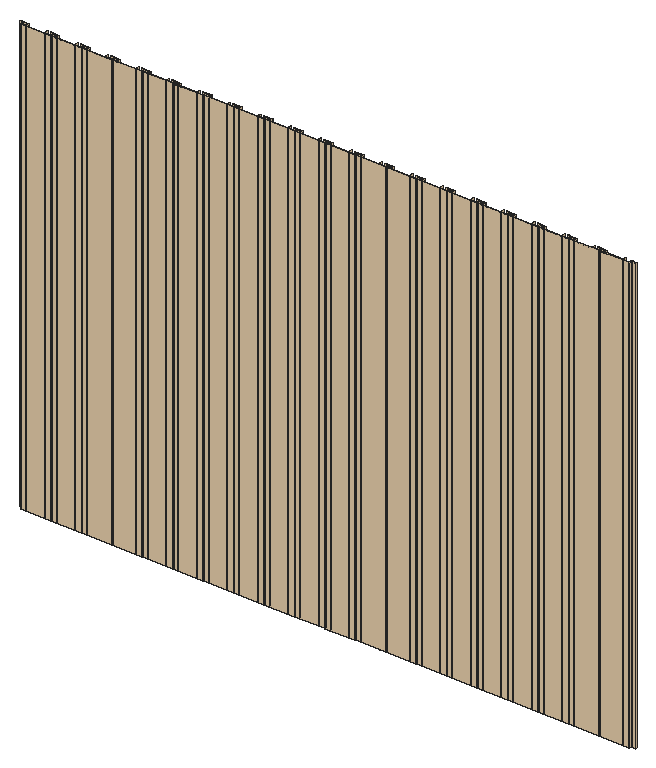
Revit family "140 UNVERSAL", category Mechanical Equipment, Revit 2017
Family settings
  Round Connector Dimension = Use Diameter
  Part Type = Normal
  Work Plane-Based = No
  Always vertical = Yes
  Cut with Voids When Loaded = No
  Shared = No
  Room Calculation Point = No
Parameters (values of type "Pine")
  Width = 140 mm * Panel Number + 39 mm  # 2839 mm
  URL = "https://gtoaluminum.com/product/universal-140/"
  Single = Panel Number = 1  # no
  Array Number = if(Panel Number = 1, 2, Panel Number)  # 20
  Panel Number = 20
  Model = "Universal 140"
  Manufacturer = "gtoaluminum"
  Height = 2000 mm
  Finish = Pine, Scots
  Dimensions = "5.51”W x 0.70”H x 19’L | 0.047” thickness"
  Description = "This profile is ideal for exterior cladding. It is wider than other profiles and recommended for covering larger and more massive exterior surfaces. It is highly recommended for ceilings and large buildings because of its wider size, which allows for a more sealed and private environment. It comes in different shades of wood and other colors or can be painted in a custom color. The installation is effortless, and the finishing looks seamless without any noticeable screws or marks."
  Bottom Offset = 0 mm
  Array = not(Single)  # yes
Types (8, lengths in mm): name | Width | Array Number | Panel Number | Height | Finish | Bottom Offset
  (no name) | 2839 | 20 | 20 | 2000 | Pine, Scots | 0
  Espresso | 739 | 5 | 5 | 3000 | Espresso | 50
  Oak | 739 | 5 | 5 | 3000 | Wood (Oak) | 50
  Pine | 2839 | 20 | 20 | 2000 | Pine, Scots | 0
  Gray | 739 | 5 | 5 | 3000 | Gray | 50
  Charcol | 739 | 5 | 5 | 3000 | Charcol | 50
  Matte | 739 | 5 | 5 | 3000 | Matte | 50
  gloss | 739 | 5 | 5 | 3000 | Gloss | 50
Reference planes
  plane 1 "Center (Front/Back)": y = 0
  plane 2: z = 0
  plane 3 "Center (Left/Right)": x = 0
  plane 4: x = 2839
Dimensions and locks
  "Width": plane 3 "Center (Left/Right)" to plane 4
  equal spacing: group 1, group 2, group 3, group 4, group 5, group 6, group 7, group 8, group 9, group 10, group 11, group 12, group 13, group 14, group 15, group 16, group 17, group 18, group 19, group 20  (x3)
  aligned and locked: level to plane 2
  aligned and locked: plane 3 "Center (Left/Right)" to nested 1
  aligned and locked: plane 3 "Center (Left/Right)" to nested 3
Nested families
  nested 1: "140 Univeral Profile" at (0, 0, 0), visible <- "Array", type "Family1"
    with Height 2000 mm, Bottom Offset 0 mm
  nested 2: "140 Univeral Profile" at (140, 0, 0), visible <- "Array", type "Family1"
    with Height 2000 mm, Bottom Offset 0 mm
  nested 3: "140 Univeral Profile" at (0, 0, 0), visible <- "Single", type "Family1"
    with Height 2000 mm, Bottom Offset 0 mm
  nested 4: "140 Univeral Profile" at (280, 0, 0), visible <- "Array", type "Family1"
    with Height 2000 mm, Bottom Offset 0 mm
  nested 5: "140 Univeral Profile" at (420, 0, 0), visible <- "Array", type "Family1"
    with Height 2000 mm, Bottom Offset 0 mm
  nested 6: "140 Univeral Profile" at (560, 0, 0), visible <- "Array", type "Family1"
    with Height 2000 mm, Bottom Offset 0 mm
  nested 7: "140 Univeral Profile" at (700, 0, 0), visible <- "Array", type "Family1"
    with Height 2000 mm, Bottom Offset 0 mm
  nested 8: "140 Univeral Profile" at (840, 0, 0), visible <- "Array", type "Family1"
    with Height 2000 mm, Bottom Offset 0 mm
  nested 9: "140 Univeral Profile" at (980, 0, 0), visible <- "Array", type "Family1"
    with Height 2000 mm, Bottom Offset 0 mm
  nested 10: "140 Univeral Profile" at (1120, 0, 0), visible <- "Array", type "Family1"
    with Height 2000 mm, Bottom Offset 0 mm
  nested 11: "140 Univeral Profile" at (1260, 0, 0), visible <- "Array", type "Family1"
    with Height 2000 mm, Bottom Offset 0 mm
  nested 12: "140 Univeral Profile" at (1400, 0, 0), visible <- "Array", type "Family1"
    with Height 2000 mm, Bottom Offset 0 mm
  nested 13: "140 Univeral Profile" at (1540, 0, 0), visible <- "Array", type "Family1"
    with Height 2000 mm, Bottom Offset 0 mm
  nested 14: "140 Univeral Profile" at (1680, 0, 0), visible <- "Array", type "Family1"
    with Height 2000 mm, Bottom Offset 0 mm
  nested 15: "140 Univeral Profile" at (1820, 0, 0), visible <- "Array", type "Family1"
    with Height 2000 mm, Bottom Offset 0 mm
  nested 16: "140 Univeral Profile" at (1960, 0, 0), visible <- "Array", type "Family1"
    with Height 2000 mm, Bottom Offset 0 mm
  nested 17: "140 Univeral Profile" at (2100, 0, 0), visible <- "Array", type "Family1"
    with Height 2000 mm, Bottom Offset 0 mm
  nested 18: "140 Univeral Profile" at (2240, 0, 0), visible <- "Array", type "Family1"
    with Height 2000 mm, Bottom Offset 0 mm
  nested 19: "140 Univeral Profile" at (2380, 0, 0), visible <- "Array", type "Family1"
    with Height 2000 mm, Bottom Offset 0 mm
  nested 20: "140 Univeral Profile" at (2520, 0, 0), visible <- "Array", type "Family1"
    with Height 2000 mm, Bottom Offset 0 mm
  nested 21: "140 Univeral Profile" at (2660, 0, 0), visible <- "Array", type "Family1"
    with Height 2000 mm, Bottom Offset 0 mm
Definition of nested family "140 Univeral Profile"
  Parameters (values of type "Family1")
    Height = 3000 mm
    Finish = none
    Bottom Offset = 50 mm
  Reference planes
    plane 1 "Center (Front/Back)": y = 0
    plane 2: z = 0
    plane 3 "Center (Left/Right)": x = 0
    plane 4: z = 3000
    plane 5: z = 50
  Forms (mm)
    Extrusion 1, solid, material <- "Finish"
      sketch origin (0, 3.6, 0) x (1, 0, 0) y (0, 1, 0)
        loop
          line (124.8, -1.6) -> (124.8, 14.4) -> (123.3, 14.4) -> (123.3, 5.591)
          arc (123.3, 5.591) -> (123, 5.291) -> (123.3, 4.991) r 0.3
          line (123.3, 4.991) -> (123.3, -1.589)
          arc (123.3, -1.589) -> (123.15, -1.95) -> (122.789, -2.1) r 0.511
          line (122.789, -2.1) -> (40.5, -2.1)
          arc (40.5, -2.1) -> (40.146, -1.954) -> (40, -1.6) r 0.5
          line (40, -1.6) -> (40, 13.9)
          arc (40, 13.9) -> (39.854, 14.254) -> (39.5, 14.4) r 0.5
          line (39.5, 14.4) -> (0, 14.4) -> (0, 12.9) -> (6.993, 12.9) -> (38, 12.9)
          arc (38, 12.9) -> (38.354, 12.754) -> (38.5, 12.4) r 0.5
          line (38.5, 12.4) -> (38.5, -1.6)
          arc (38.5, -1.6) -> (38.354, -1.954) -> (38, -2.1) r 0.5
          line (38, -2.1) -> (18.3, -2.1)
          arc (18.3, -2.1) -> (17.946, -1.954) -> (17.8, -1.6) r 0.5
          line (17.8, -1.6) -> (17.8, 7.6) -> (16.3, 7.6) -> (16.3, -3.1)
          arc (16.3, -3.1) -> (16.446, -3.454) -> (16.8, -3.6) r 0.5
          line (16.8, -3.6) -> (155.8, -3.6)
          arc (155.8, -3.6) -> (156.154, -3.454) -> (156.3, -3.1) r 0.5
          line (156.3, -3.1) -> (156.3, 7.574)
          arc (156.3, 7.574) -> (156.454, 7.946) -> (156.826, 8.1) r 0.526
          line (156.826, 8.1) -> (178.5, 8.1) -> (178.5, 10.8) -> (177, 10.8) -> (177, 9.6) -> (155.3, 9.6)
          arc (155.3, 9.6) -> (154.946, 9.454) -> (154.8, 9.1) r 0.5
          line (154.8, 9.1) -> (154.8, -1.6)
          arc (154.8, -1.6) -> (154.654, -1.954) -> (154.3, -2.1) r 0.5
          line (154.3, -2.1) -> (125.3, -2.1)
          arc (125.3, -2.1) -> (124.946, -1.954) -> (124.8, -1.6) r 0.5
      from 50 to 3000
  Dimensions and locks
    "Height": plane 4 to plane 2
    "Bottom Offset": plane 5 to level
    aligned and locked: level to plane 2
    aligned and locked: Extrusion 1 to plane 4
    aligned and locked: plane 5 to Extrusion 1
  Automatic sketch dimensions
    Extrusion 1 sketch curve to plane 3 "Center (Left/Right)" = 0 mm
    plane 1 "Center (Front/Back)" to Extrusion 1 sketch curve = 0 mm
    plane 3 "Center (Left/Right)" to Extrusion 1 sketch curve = 6.993 mm
    Extrusion 1 sketch curve to plane 1 "Center (Front/Back)" = 0.5 mm  (x2)
    plane 3 "Center (Left/Right)" to Extrusion 1 sketch curve = 16.3 mm
    Extrusion 1 sketch curve to Extrusion 1 sketch curve = 1.5 mm  (x6)
    Extrusion 1 sketch curve to Extrusion 1 sketch curve = 0.5 mm  (x6)
    Extrusion 1 sketch curve to plane 1 "Center (Front/Back)" = 1.5 mm  (x2)
    Extrusion 1 sketch curve to Extrusion 1 sketch curve = 19.7 mm
    Extrusion 1 sketch curve to Extrusion 1 sketch curve = 0 mm  (x2)
    Extrusion 1 sketch curve to plane 1 "Center (Front/Back)" = 2.011 mm
    Extrusion 1 sketch curve to Extrusion 1 sketch curve = 82.289 mm
    Extrusion 1 sketch curve to Extrusion 1 sketch curve = 0.511 mm
    Extrusion 1 sketch curve to Extrusion 1 sketch curve = 29 mm
    Extrusion 1 sketch curve to Extrusion 1 sketch curve = 0.526 mm
    Extrusion 1 sketch curve to Extrusion 1 sketch curve = 20.174 mm
    Extrusion 1 sketch curve to Extrusion 1 sketch curve = 6.581 mm
    Extrusion 1 sketch curve to Extrusion 1 sketch curve = 0.3 mm
    Extrusion 1 sketch curve to Extrusion 1 sketch curve = 9.174 mm
    Extrusion 1 sketch curve to Extrusion 1 sketch curve = 9.2 mm
    Extrusion 1 sketch curve to Extrusion 1 sketch curve = 1.526 mm
    Extrusion 1 sketch curve to Extrusion 1 sketch curve = 1.2 mm
    Extrusion 1 sketch curve to Extrusion 1 sketch curve = 14 mm
    Extrusion 1 sketch curve to Extrusion 1 sketch curve = 1 mm
    Extrusion 1 sketch curve to Extrusion 1 sketch curve = 8.809 mm
